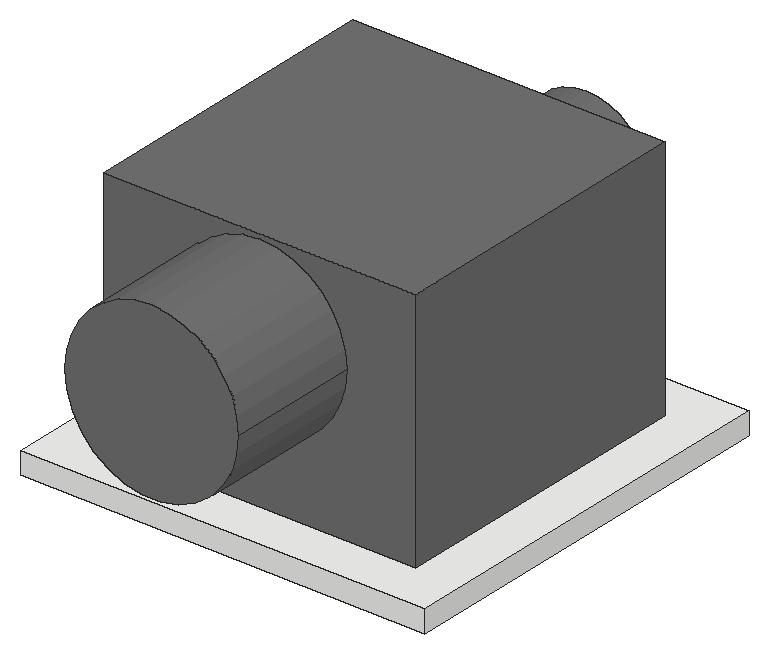
Revit family "vd-13_18zf(p)c14_60Hz", category 機械設備, Revit 2019
Family settings
  丸型コネクタ寸法 = 直径を使用
  パーツ タイプ = 標準
  OmniClass 番号 = 23.75.35.17.27
  OmniClass タイトル = Centrifugal Fans
  作業面ベース = いいえ
  常に垂直 = はい
  ロード時にボイドで切り取り = いいえ
  共有 = いいえ
  部屋計算ポイント = はい
Parameters (values of type "VD-17ZFC14")
  騒音レベル(dB(A)) [instance] = 34
  風量 [instance] = 240.0 m³/h
  電源種別 [instance] = ""
  電圧 = 100 V
  電動機出力 = 0 W
  電動機_種別 [instance] = ""
  運転質量 = 0.00 kg
  連動 [instance] = ""
  質量 = if(製品質量 > 運転質量, 製品質量, 運転質量) * 1.2  # 3.72 kg
  負荷分類 = 3_ファン類
  説明 = "ダクト用換気扇 2部屋換気用 低騒音形"
  設計風量 [instance] = 0.0 m³/h
  設置方法 = "天埋"
  記号 [instance] = ""
  製造元 = "三菱電機株式会社"
  製品質量 = 3.10 kg
  製品出荷対象 = "国内"
  製品リリース年月 = "2024年6月3日"
  製品グループ = ""
  系統 [instance] = ""
  符号 [instance] = if(☑給気／□排気, "FS", "FE")  # "FE"
  積算_科目 = "2 換気設備"
  積算_拾い区分 [instance] = ""
  相 = 1
  盤記号 [instance] = ""
  発停方法 [instance] = ""
  特殊仕様 [instance] = ""
  火災停止 [instance] = ""
  消費電力 = 23.5 W
  法定耐用年数 = "15"
  機外静圧 [instance] = 0.0 Pa
  極数 = 2
  材質 [instance] = ""
  操作・制御方式 = ""
  操作・制御スイッチ = ""
  排気量 [instance] = if(☑給気／□排気, 0.0 m³/h, 設計風量)  # 0.0 m³/h
  形式 = "天井埋込ダクト形"
  幹線記号 [instance] = ""
  対象室 [instance] = ""
  実風量 [instance] = 0.0 m³/h
  始動方式 [instance] = "直入"
  外気量 [instance] = if(☑給気／□排気, 設計風量, 0.0 m³/h)  # 0.0 m³/h
  呼称 = "天井扇"
  周波数 = 60 Hz
  参照している仕様書等のバージョン = ""
  分類コード = "50052503100030"
  分類グループ = ""
  価格 = 47000
  企業コード = "108420"
  付属品_防振装置 = ""
  付属品 [instance] = ""
  仕様書バージョン = "Version1.0"
  モデル = "VD-17ZFC14"
  マテリアル = 合成樹脂(黒)
  ファンの種類 = ""
  ダクト径2 = 100 mm
  ダクト径 = 150 mm
  コメント [instance] = ""
  Keynote = ""
  カバーマテリアル = 合成樹脂(白)
  ☑給気／□排気 [instance] = no
  Width = 254 mm
  W1 = 330 mm
  Version = ""
  Uniclass2015Version = "Systems v1.9"
  Uniclass2015Title = "Centrifugal fans"
  Uniclass2015Code = "Pr_65_67_29_12"
  URL = "https://www.mitsubishielectric.co.jp/ldg/wink/qr/002/333640/"
  SpecificationReference = ""
  SpecificationDescription = ""
  Revision = ""
  RAダクト接続口_3 = no
  RAダクト接続口_2 = no
  RAダクト接続口_1 = yes
  RAサイズ_D = 98 mm
  RA_Duct_Height = 109 mm
  RA_Duct_Depth = 79 mm
  ProductInformation = ""
  OmniClassCode = "23-33 31 19 11 15"
  OAサイズ_D = 0 mm
  MIN風量 = 0.0 m³/h
  MIN静圧 = 0.0 Pa
  MID風量 = 0.0 m³/h
  MID静圧 = 0.0 Pa
  MAX風量 = 240.0 m³/h
  MAX静圧 = 0.0 Pa
  IfcTypeProduct = ""
  IfcProduct = ""
  IfcExportType = "PROPELLORAXIAL"
  IfcExportAs = "IfcFanType"
  Height = 200 mm
  H1 = 18 mm
  EAサイズ_D = 142 mm
  EA_Duct_Height = 125 mm
  EA_Duct_Depth = 110 mm
  Duct_Height = 111 mm
  Duct_Depth = 114 mm
  Duct_Center = 0 mm
  Depth = 254 mm
  D1 = 330 mm
  Box_Width = 24.336 mm
  Box_W = 104.664 mm
  Box_Height = 87 mm
  Box_H = 41.608 mm
  Author = "三菱電機株式会社"
Types (5, lengths in mm): name | 騒音レベル(dB(A)) | 風量 | 質量 | 説明 | 製品質量 | 消費電力 | 価格 | モデル | ダクト径 | Width | W1 | URL | RAダクト接続口_2 | MIN風量 | MAX風量 | EAサイズ_D | EA_Duct_Height | EA_Duct_Depth | Depth | D1
  VD-13ZFC14 | 29 | 170.0 m³/h | 3.60 kg | "ダクト用換気扇 2部屋換気用 低騒音形" | 3.00 kg | 15.5 W | 31900 | "VD-13ZFC14" | 100 | 254 | 330 | "https://www.mitsubishielectric.co.jp/ldg/wink/qr/002/333588/" | no | 0.0 m³/h | 170.0 m³/h | 98 | 109 | 109 | 254 | 330
  VD-15ZFC14 | 34 | 210.0 m³/h | 3.48 kg | "ダクト用換気扇 2部屋換気用 低騒音形" | 2.90 kg | 23 W | 34400 | "VD-15ZFC14" | 100 | 254 | 330 | "https://www.mitsubishielectric.co.jp/ldg/wink/qr/002/333608/" | no | 0.0 m³/h | 210.0 m³/h | 98 | 109 | 109 | 254 | 330
  VD-15ZFPC14 | 31 | 180.0 m³/h | 4.32 kg | "ダクト用換気扇 2部屋換気用 低騒音形 高静圧タイプ" | 3.60 kg | 28.5 W | 45800 | "VD-15ZFPC14" | 100 | 254 | 330 | "https://www.mitsubishielectric.co.jp/ldg/wink/qr/002/333613/" | no | 130.0 m³/h | 180.0 m³/h | 98 | 109 | 109 | 254 | 330
  VD-17ZFC14 | 34 | 240.0 m³/h | 3.72 kg | "ダクト用換気扇 2部屋換気用 低騒音形" | 3.10 kg | 23.5 W | 47000 | "VD-17ZFC14" | 150 | 254 | 330 | "https://www.mitsubishielectric.co.jp/ldg/wink/qr/002/333640/" | no | 0.0 m³/h | 240.0 m³/h | 142 | 125 | 110 | 254 | 330
  VD-18ZFPC14 | 35.5 | 260.0 m³/h | 4.92 kg | "ダクト用換気扇 2～3部屋換気用 低騒音形" | 4.10 kg | 35.5 W | 61600 | "VD-18ZFPC14" | 100 | 310 | 390 | "https://www.mitsubishielectric.co.jp/ldg/wink/qr/002/333649/" | yes | 165.0 m³/h | 260.0 m³/h | 98 | 109 | 109 | 310 | 390
Reference planes
  plane 1 "中心(正面/背面)": y = 0
  plane 2: z = 0
  plane 3 "中心(左/右)": x = 0
  plane 4: x = -165
  plane 5: x = 165
  plane 6: y = 165
  plane 7: y = -165
  plane 8: x = -127
  plane 9: x = 127
  plane 10: y = 127
  plane 11: y = -127
  plane 12: y = -237
  plane 13: z = 200
  plane 14: z = -18
  plane 15: z = 125
  plane 16: x = 0
  plane 17: y = 206
  plane 18: z = 109
  plane 19: x = 206
  plane 20: x = -206
  plane 21: z = 109
  plane 22: x = 104.664
  plane 23: x = 80.327
  plane 24: z = 23.608
  plane 25: z = 110.608
Forms (mm)
  Extrusion 1, solid, material "合成樹脂(黒)" <- "マテリアル", detail levels fine
    sketch origin (0, 0, 0) x (1, 0, 0) y (0, 1, 0)
      loop
        line (-127, 127) -> (-127, -127) -> (127, -127) -> (127, 127) -> (-127, 127)
    from 0 to 200
  Extrusion 2, solid, material "合成樹脂(白)" <- "カバーマテリアル", detail levels fine
    sketch origin (0, 0, 0) x (1, 0, 0) y (0, 1, 0)
      loop
        line (-165, 165) -> (-165, -165) -> (165, -165) -> (165, 165) -> (-165, 165)
    from 0 to -18
  Extrusion 3, solid, material "合成樹脂(黒)" <- "マテリアル", detail levels fine
    sketch origin (0, 0, 0) x (1, 0, 0) y (0, 0, 1)
      loop
        circle (0, 125) r 71
    from 127 to 237
  Extrusion 4, solid, material "合成樹脂(黒)" <- "マテリアル", visible <- "RAダクト接続口_1", detail levels fine
    sketch origin (1.655, 0, 0) x (1, 0, 0) y (0, 0, 1)
      loop
        circle (-1.655, 109) r 49
    from -206 to -127
  Extrusion 5, solid, material "合成樹脂(黒)" <- "マテリアル", visible <- "RAダクト接続口_3", detail levels fine
    sketch origin (0, 0, 0) x (0, 1, 0) y (0, 0, 1)
      loop
        circle (0, 109) r 49
    from -206 to -127
  Extrusion 6, solid, material "合成樹脂(黒)" <- "マテリアル", visible <- "RAダクト接続口_2", detail levels fine
    sketch origin (0, 0, 0) x (0, 1, 0) y (0, 0, 1)
      loop
        circle (0, 109) r 49
    from 127 to 206
Dimensions and locks
  equal spacing: plane 4, plane 3 "中心(左/右)", plane 5
  "W1": plane 4 to plane 5
  equal spacing: plane 6, plane 1 "中心(正面/背面)", plane 7
  "D1": plane 6 to plane 7
  equal spacing: plane 8, plane 3 "中心(左/右)", plane 9
  "Width": plane 8 to plane 9
  equal spacing: plane 10, plane 1 "中心(正面/背面)", plane 11
  "Depth": plane 10 to plane 11
  "EA_Duct_Depth": plane 11 to plane 12
  "Height": plane 13 to plane 2
  "EA_Duct_Height": plane 15 to plane 2
  "H1": plane 2 to plane 14
  "Duct_Center": plane 3 "中心(左/右)" to plane 16
  "RA_Duct_Height": level to plane 18
  "RA_Duct_Depth": plane 17 to plane 10
  "RA_Duct_Depth": plane 9 to plane 19
  "RA_Duct_Depth": plane 20 to plane 8
  "RA_Duct_Height": plane 21 to level
  "Box_W": plane 22 to plane 3 "中心(左/右)"
  "Box_Width": plane 22 to plane 23
  "Box_H": plane 24 to plane 14
  "Box_Height": plane 25 to plane 24
  "EAサイズ_D": diameter of Extrusion 3 sketch curve
  "RAサイズ_D": diameter of Extrusion 4 sketch curve
  "RAサイズ_D": diameter of Extrusion 6 sketch curve
  "RAサイズ_D": diameter of Extrusion 6
  aligned and locked: level to plane 2
  aligned and locked: plane 5 to Extrusion 2
  aligned and locked: plane 6 to Extrusion 2
  aligned and locked: Extrusion 2 to plane 4
  aligned and locked: Extrusion 2 to plane 7
  aligned and locked: plane 9 to Extrusion 1
  aligned and locked: Extrusion 1 to plane 11
  aligned and locked: Extrusion 1 to plane 8
  aligned and locked: plane 10 to Extrusion 1
  aligned and locked: plane 13 to Extrusion 1
  aligned and locked: Extrusion 2 to plane 14
  aligned and locked: level to Extrusion 2
  aligned and locked: Extrusion 1 to level
  aligned and locked: Extrusion 3 to plane 12
  aligned and locked: plane 11 to Extrusion 3
  aligned and locked: plane 17 to Extrusion 4
  aligned and locked: Extrusion 4 to plane 10
  aligned and locked: plane 8 to Extrusion 5
  aligned and locked: Extrusion 5 to plane 20
  aligned and locked: Extrusion 6 to plane 9
  aligned and locked: plane 19 to Extrusion 6
Automatic sketch dimensions
  Extrusion 1 sketch curve to plane 3 "中心(左/右)" = 127 mm
  plane 3 "中心(左/右)" to Extrusion 1 sketch curve = 127 mm
  Extrusion 2 sketch curve to plane 3 "中心(左/右)" = 165 mm
  plane 3 "中心(左/右)" to Extrusion 2 sketch curve = 165 mm
  plane 1 "中心(正面/背面)" to Extrusion 1 sketch curve = 127 mm
  Extrusion 1 sketch curve to plane 1 "中心(正面/背面)" = 127 mm
  plane 1 "中心(正面/背面)" to Extrusion 2 sketch curve = 165 mm
  Extrusion 2 sketch curve to plane 1 "中心(正面/背面)" = 165 mm
  Extrusion 3 sketch curve to plane 15 = 0 mm
  Extrusion 3 sketch curve to plane 16 = 0 mm
  Extrusion 4 sketch curve to plane 16 = 0 mm
  Extrusion 4 sketch curve to plane 18 = 0 mm
  Extrusion 6 sketch curve to plane 1 "中心(正面/背面)" = 0 mm
  Extrusion 6 sketch curve to plane 18 = 0 mm
  Extrusion 5 sketch curve to plane 1 "中心(正面/背面)" = 0 mm
  Extrusion 5 sketch curve to plane 18 = 0 mm
  radius of Extrusion 5 sketch curve = 49 mm
Nested families
  nested 1: "記号_天井換気扇_平面" at (0, 0, 0), type "記号_天井換気扇_平面", detail levels coarse+medium
Connectors
  hvac at (0, -237, 125), driven by "ダクト径", driven by "風量", driven by "機外静圧"
    settings: on Extrusion 3, index 1, duct flow 240.0 m³/h, flow factor 0, pres drop 0.0 Pa, loss coef 0, conn angle 0.00°, conn width 304.8 mm, conn height 304.8 mm, conn diameter 150 mm, duct sys type 3, conn prof type 0, flow config 0, flow direction 2, loss method 4, conn ref index -1, conn util no, is conn primary yes, conn desc ""
  electrical at (0, 0, 200), driven by "極数", driven by "負荷分類", driven by "電圧", driven by "消費電力"
    settings: on Extrusion 1, index 2, voltage 100 V, apparent load 23.5 VA, apparent load phase1 0 VA, apparent load phase2 0 VA, apparent load phase3 0 VA, power factor 1, load classification "3_ファン類", number of poles 2, system type 30, power factor state 1, is connector primary yes, connector utility no, sub classification motor no, connector description ""
  hvac at (0, 206, 109), driven by "ダクト径2", driven by "機外静圧", driven by "風量"
    settings: on Extrusion 4, index 4, duct flow 240.0 m³/h, flow factor 0, pres drop 0.0 Pa, loss coef 0, conn angle 0.00°, conn width 304.8 mm, conn height 304.8 mm, conn diameter 100 mm, duct sys type 2, conn prof type 0, flow config 0, flow direction 1, loss method 4, conn ref index -1, conn util no, is conn primary no, conn desc ""
  hvac at (206, 0, 109), driven by "ダクト径2", driven by "機外静圧", driven by "風量"
    settings: on Extrusion 6, index 5, duct flow 240.0 m³/h, flow factor 0, pres drop 0.0 Pa, loss coef 0, conn angle 0.00°, conn width 304.8 mm, conn height 304.8 mm, conn diameter 100 mm, duct sys type 2, conn prof type 0, flow config 0, flow direction 1, loss method 4, conn ref index -1, conn util no, is conn primary no, conn desc ""
  hvac at (-206, 0, 109), driven by "ダクト径2", driven by "機外静圧", driven by "風量"
    settings: on Extrusion 5, index 6, duct flow 240.0 m³/h, flow factor 0, pres drop 0.0 Pa, loss coef 0, conn angle 0.00°, conn width 304.8 mm, conn height 304.8 mm, conn diameter 100 mm, duct sys type 2, conn prof type 0, flow config 0, flow direction 1, loss method 4, conn ref index -1, conn util no, is conn primary no, conn desc ""
Definition of nested family "記号_天井換気扇_平面"
  Reference planes
    plane 1: y = 0
    plane 2: x = 0
  Lines and regions (mm)
    detail lines
      curve 1: line (-2.5, 2.5, 0) -> (2.5, 2.5, 0)
      curve 2: line (-2.5, -2.5, 0) -> (-2.5, 2.5, 0)
      curve 3: line (2.5, -2.5, 0) -> (-2.5, -2.5, 0)
      curve 4: line (2.5, 2.5, 0) -> (2.5, -2.5, 0)
      curve 5: circle (-1.04, -1.04, 0) r 1.46 normal (0, 0, 1)
      curve 6: circle (1.04, 1.04, 0) r 1.46 normal (0, 0, 1)
      curve 7: line (-3.125, 3.125, 0) -> (3.125, 3.125, 0)
      curve 8: line (-3.125, -3.125, 0) -> (-3.125, 3.125, 0)
      curve 9: line (3.125, -3.125, 0) -> (-3.125, -3.125, 0)
      curve 10: line (3.125, 3.125, 0) -> (3.125, -3.125, 0)
      curve 11: circle (1.295, 1.295, 0) r 1.83 normal (0, 0, 1)
      curve 12: circle (-1.295, -1.295, 0) r 1.83 normal (0, 0, 1)
      curve 13: line (-2, 2, 0) -> (2, 2, 0)
      curve 14: line (-2, -2, 0) -> (-2, 2, 0)
      curve 15: line (2, -2, 0) -> (-2, -2, 0)
      curve 16: line (2, 2, 0) -> (2, -2, 0)
      curve 17: circle (0.84, 0.84, 0) r 1.16 normal (0, 0, 1)
      curve 18: circle (-0.84, -0.84, 0) r 1.2 normal (0, 0, 1)
